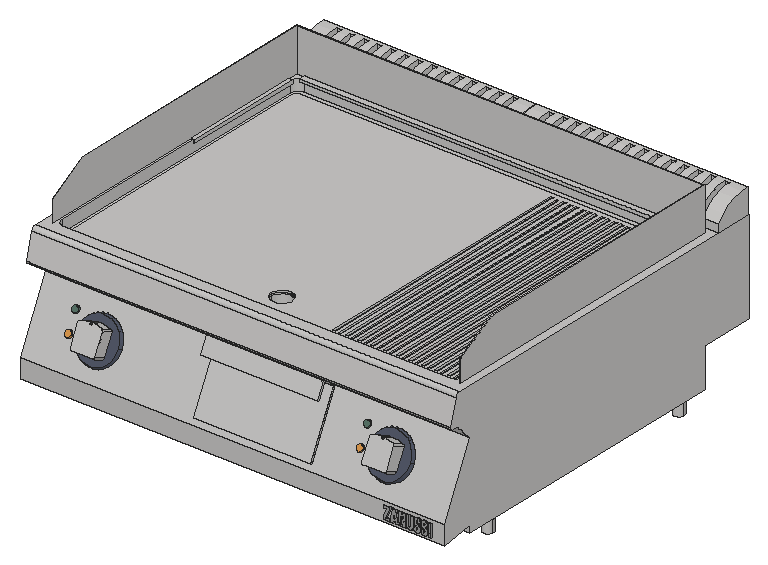
Revit family "QF_ZANUSSI_372197_Z7FTEHCPI0", category Specialty Equipment, Revit 2018 (continued)
Automatic sketch dimensions
  curve 175 to curve 176 = 2.779 mm
  curve 184 to curve 185 = 2.779 mm
  curve 159 to curve 160 = 2.779 mm
  curve 191 to curve 157 = 15 mm
  curve 193 to curve 196 = 15 mm
  plane 15 to curve 187 = 7.106 mm
  plane 15 to curve 178 = 7.106 mm
  plane 15 to curve 171 = 7.106 mm
  plane 15 to curve 162 = 7.106 mm
  curve 170 to plane 15 = 36.239 mm
  curve 186 to plane 15 = 36.239 mm
  curve 161 to curve 170 = 0 mm
  curve 186 to curve 177 = 0 mm
  curve 10 to plane 15 = 41.141 mm
  curve 16 to curve 17 = 0.469 mm
  curve 95 to plane 15 = 101.264 mm
  plane 8 "Center X" to curve 35 = 129.61 mm
  plane 8 "Center X" to curve 33 = 129.61 mm
  plane 1 "BACK" to curve 19 = 115.406 mm
  curve 13 to curve 21 = 2.133 mm
  curve 14 to curve 21 = 2.133 mm
  curve 14 to curve 31 = 1.998 mm
  curve 13 to curve 32 = 1.998 mm
  curve 32 to curve 29 = 9.827 mm
  curve 29 to curve 26 = 12.325 mm
  curve 206 to curve 120 = 41.495 mm
  curve 135 to curve 131 = 57.15 mm
  curve 120 to curve 117 = 0 mm
  curve 137 to curve 139 = 0 mm
  curve 131 to curve 135 = 0 mm
  curve 116 to curve 113 = 0 mm
  curve 139 to curve 143 = 0 mm
  curve 112 to curve 109 = 0 mm
  curve 143 to curve 147 = 0 mm
  curve 123 to curve 119 = 0 mm
  curve 108 to curve 106 = 0 mm
  curve 147 to curve 151 = 0 mm
  curve 28 to curve 101 = 19.479 mm
  curve 130 to curve 123 = 0 mm
  curve 92 to curve 92 = 57.15 mm
  curve 91 to curve 88 = 0 mm
  curve 87 to curve 84 = 0 mm
  curve 83 to curve 80 = 0 mm
  curve 79 to curve 77 = 0 mm
  curve 74 to curve 72 = 0 mm
  curve 68 to curve 90 = 0 mm
  curve 63 to curve 65 = 0 mm
  curve 59 to curve 62 = 0 mm
  curve 55 to curve 58 = 0 mm
  curve 51 to curve 54 = 0 mm
  curve 47 to curve 50 = 0 mm
  curve 44 to curve 46 = 0 mm
  curve 30 to curve 39 = 19.479 mm
  plane 1 "BACK" to curve 142 = 6.761 mm
  plane 1 "BACK" to curve 137 = 6.761 mm
  plane 1 "BACK" to curve 129 = 6.761 mm
  plane 1 "BACK" to curve 37 = 6.761 mm
  plane 1 "BACK" to curve 41 = 6.761 mm
  plane 1 "BACK" to curve 122 = 6.761 mm
  plane 1 "BACK" to curve 110 = 6.761 mm
  plane 1 "BACK" to curve 85 = 6.761 mm
  plane 1 "BACK" to curve 81 = 6.761 mm
  plane 1 "BACK" to curve 73 = 6.761 mm
  plane 1 "BACK" to curve 67 = 6.761 mm
  plane 1 "BACK" to curve 56 = 6.761 mm
  plane 1 "BACK" to curve 48 = 6.761 mm
  curve 2 to plane 1 "BACK" = 100 mm
  curve 13 to curve 32 = 3.351 mm
  curve 161 to curve 158 = 9.809 mm
  curve 163 to curve 162 = 0.284 mm
  curve 171 to curve 171 = 0.284 mm
  curve 167 to curve 170 = 9.809 mm
  curve 94 to plane 7 "Center Y" = 20 mm
  curve 143 to curve 217 = 4.907 mm
  curve 206 to curve 186 = 1.82 mm
  curve 188 to curve 187 = 0.284 mm
  curve 178 to curve 179 = 0.284 mm
  curve 31 to curve 96 = 3.351 mm
  curve 194 to curve 6 = 0 mm
  curve 187 to curve 187 = 0.567 mm
  curve 171 to curve 171 = 0.567 mm
  curve 178 to curve 178 = 0.567 mm
  curve 162 to curve 162 = 0.567 mm
  curve 197 to plane 15 = 56.61 mm
  curve 214 to plane 15 = 56.61 mm
  curve 198 to plane 15 = 56.61 mm
  curve 199 to plane 15 = 56.61 mm
  curve 200 to plane 15 = 56.61 mm
  curve 213 to plane 15 = 56.61 mm
  curve 201 to plane 15 = 56.61 mm
  curve 208 to plane 15 = 56.61 mm
  curve 202 to plane 15 = 56.61 mm
  curve 212 to plane 15 = 56.61 mm
  curve 203 to plane 15 = 56.61 mm
  curve 204 to plane 15 = 56.61 mm
  curve 211 to plane 15 = 56.61 mm
  curve 215 to plane 15 = 56.61 mm
  curve 205 to plane 15 = 56.61 mm
  curve 217 to plane 15 = 56.61 mm
  curve 210 to plane 15 = 56.61 mm
  curve 209 to plane 15 = 56.61 mm
  curve 206 to plane 15 = 56.61 mm
  curve 207 to plane 15 = 56.61 mm
  curve 216 to plane 15 = 56.61 mm
  curve 23 to curve 97 = 0 mm
  curve 22 to curve 216 = 0 mm
  curve 26 to curve 155 = 13.54 mm
  curve 217 to curve 197 = 12 mm
  curve 198 to curve 196 = 0.63 mm
  curve 198 to curve 199 = 12 mm
  curve 199 to curve 200 = 12 mm
  curve 200 to curve 201 = 12 mm
  curve 201 to curve 202 = 12 mm
  curve 202 to curve 203 = 12 mm
  curve 203 to curve 204 = 12 mm
  curve 204 to curve 205 = 12 mm
  curve 205 to curve 206 = 12 mm
  curve 183 to curve 207 = 0.37 mm
  curve 197 to curve 5 = 12.63 mm
  curve 208 to curve 209 = 12 mm
  curve 207 to curve 208 = 12 mm
  curve 210 to curve 174 = 9.63 mm
  curve 174 to curve 211 = 2.37 mm
  curve 177 to curve 212 = 4.561 mm
  curve 211 to curve 177 = 7.439 mm
  curve 212 to curve 213 = 12 mm
  curve 214 to curve 215 = 12 mm
  curve 213 to curve 214 = 12 mm
  curve 215 to curve 216 = 12 mm
  plane 11 to Extrusion 7 sketch curve = 278 mm
  Extrusion 1 sketch curve to plane 14 = 0 mm
  Extrusion 1 sketch curve to plane 17 = 0 mm
  Extrusion 1 sketch curve to plane 15 = 45.018 mm
  Extrusion 1 sketch curve to plane 15 = 45 mm
  Extrusion 1 sketch curve to Extrusion 1 sketch curve = 3.2 mm
  Extrusion 1 sketch curve to Extrusion 1 sketch curve = 0.445 mm
  Extrusion 1 sketch curve to plane 15 = 20.642 mm
  Extrusion 1 sketch curve to plane 15 = 13.198 mm
  Extrusion 1 sketch curve to plane 14 = 7.474 mm
  Extrusion 1 sketch curve to plane 15 = 3 mm
  Extrusion 1 sketch curve to plane 15 = 0.116 mm
  plane 15 to Extrusion 1 sketch curve = 15 mm
  Extrusion 1 sketch curve to Extrusion 1 sketch curve = 45.515 mm
  Extrusion 1 sketch curve to Extrusion 1 sketch curve = 0.827 mm
  Extrusion 1 sketch curve to Extrusion 1 sketch curve = 31.82 mm
  Extrusion 1 sketch curve to Extrusion 1 sketch curve = 120.856 mm
  Extrusion 1 sketch curve to Extrusion 1 sketch curve = 27.08 mm
  Extrusion 1 sketch curve to Extrusion 1 sketch curve = 35 mm
  Extrusion 1 sketch curve to Extrusion 1 sketch curve = 10.259 mm
  Extrusion 1 sketch curve to plane 1 "BACK" = 0 mm
  Extrusion 1 sketch curve to Extrusion 1 sketch curve = 74 mm
  radius of Extrusion 2 sketch curve = 9.525 mm  (x4)
  radius of Extrusion 7 sketch curve = 6.35 mm
  radius of Extrusion 10 sketch curve = 20 mm
  radius of Blend 19 sketch curve = 42.5 mm
  radius of Blend 19 sketch curve = 40.5 mm
  radius of Split face 1 sketch curve = 1.5 mm
  radius of Split face 2 sketch curve = 1.5 mm
  radius of Split face 3 sketch curve = 1.5 mm
  radius of Split face 4 sketch curve = 1.5 mm
  radius of Split face 5 sketch curve = 1.5 mm
  radius of Split face 6 sketch curve = 1.5 mm
  radius of Split face 7 sketch curve = 1.5 mm
  radius of Split face 8 sketch curve = 1.5 mm
  radius of Split face 9 sketch curve = 1.5 mm
  radius of Extrusion 23 sketch curve = 6 mm
  radius of Extrusion 24 sketch curve = 6 mm
  radius of Blend 25 sketch curve = 42.5 mm
  radius of Blend 25 sketch curve = 40.5 mm
  radius of Split face 10 sketch curve = 1.5 mm
  radius of Split face 11 sketch curve = 1.5 mm
  radius of Split face 12 sketch curve = 1.5 mm
  radius of Split face 13 sketch curve = 1.5 mm
  radius of Split face 14 sketch curve = 1.5 mm
  radius of Split face 15 sketch curve = 1.5 mm
  radius of Split face 16 sketch curve = 1.5 mm
  radius of Split face 17 sketch curve = 1.5 mm
  radius of Split face 18 sketch curve = 1.5 mm
  radius of Extrusion 29 sketch curve = 6 mm
  radius of Extrusion 30 sketch curve = 6 mm
Nested families
  nested 1: "ZAN_Logo_S_Grey" at (730.613, -715, 672.242) x (1, 0, 0) z (0, -1, 0), type "ZAN_Logo_S_Grey"
Connectors
  electrical at (749, -63, 688), driven by "Volts", driven by "Watts"
    settings: on Extrusion 7, index 1, voltage 400 V, apparent load 15000 VA, apparent load phase1 0 VA, apparent load phase2 0 VA, apparent load phase3 0 VA, power factor 1, load classification "Other", number of poles 1, system type 30, power factor state 1, is connector primary yes, connector utility no, sub classification motor no, connector description "ELECTRICAL CONNECTION"
Definition of nested family "ZAN_Logo_S_Grey"
  Parameters (values of type "ZAN_Logo_S_Grey")
    Default Elevation = 0 mm
  Reference planes
    plane 1 "Centro (Fronte/Retro)": y = 0
    plane 2: z = 0
    plane 3 "Centro (Sinistra/Destra)": x = 0
  Forms (mm)
    Extrusion 1, solid
      sketch origin (0, 0, 0) x (1, 0, 0) y (0, 1, 0)
        loop
          line (-1219.2, 1219.2) -> (-1219.2, -1219.2) -> (1219.2, -1219.2) -> (1219.2, 1219.2) -> (-1219.2, 1219.2)
      from 0 to -304.8
    Extrusion 2, solid
      sketch origin (17.793, -46.218, 0) x (-1, 0, 0) y (0, -1, 0)
        loop
          spline (-4.176, -58.079) -> (-3.496, -58.328) -> (-2.793, -58.512) -> (-2.075, -58.63) -> (-1.348, -58.682) -> (-0.619, -58.669) -> (0.106, -58.588) -> (0.818, -58.44) -> (1.512, -58.225) -> (2.18, -57.941) -> (2.817, -57.589) -> (3.414, -57.167) -> (3.966, -56.676)
          spline (3.966, -56.676) -> (4.293, -56.162) -> (4.575, -55.61) -> (4.81, -55.026) -> (5, -54.419) -> (5.146, -53.797) -> (5.247, -53.166) -> (5.304, -52.536) -> (5.318, -51.913) -> (5.288, -51.306) -> (5.217, -50.723) -> (5.103, -50.17) -> (4.949, -49.657)
          line (4.949, -49.657) -> (2.702, -46.428) -> (0.316, -44.323)
          spline (0.316, -44.323) -> (0.065, -44.115) -> (-0.195, -43.909) -> (-0.46, -43.704) -> (-0.729, -43.496) -> (-0.997, -43.282) -> (-1.263, -43.059) -> (-1.523, -42.825) -> (-1.774, -42.576) -> (-2.013, -42.309) -> (-2.238, -42.022) -> (-2.445, -41.712) -> (-2.632, -41.375)
          spline (-2.632, -41.375) -> (-2.666, -41.159) -> (-2.697, -40.934) -> (-2.722, -40.701) -> (-2.736, -40.465) -> (-2.736, -40.227) -> (-2.72, -39.989) -> (-2.682, -39.754) -> (-2.621, -39.524) -> (-2.533, -39.302) -> (-2.414, -39.091) -> (-2.261, -38.892) -> (-2.07, -38.708)
          line (-2.07, -38.708) -> (-0.245, -38.567)
          spline (-0.245, -38.567) -> (0.096, -38.8) -> (0.354, -39.074) -> (0.54, -39.381) -> (0.664, -39.716) -> (0.738, -40.073) -> (0.772, -40.445) -> (0.777, -40.825) -> (0.763, -41.208) -> (0.742, -41.588) -> (0.723, -41.957) -> (0.718, -42.309) -> (0.737, -42.638)
          line (0.737, -42.638) -> (5.65, -42.638)
          spline (5.65, -42.638) -> (5.708, -42.042) -> (5.741, -41.448) -> (5.747, -40.857) -> (5.723, -40.273) -> (5.668, -39.696) -> (5.58, -39.129) -> (5.457, -38.574) -> (5.297, -38.032) -> (5.098, -37.506) -> (4.857, -36.997) -> (4.574, -36.508) -> (4.247, -36.041)
          spline (4.247, -36.041) -> (3.844, -35.675) -> (3.409, -35.35) -> (2.946, -35.065) -> (2.458, -34.819) -> (1.949, -34.612) -> (1.421, -34.444) -> (0.88, -34.314) -> (0.326, -34.221) -> (-0.234, -34.165) -> (-0.8, -34.146) -> (-1.366, -34.163) -> (-1.93, -34.216)
          spline (-1.93, -34.216) -> (-2.526, -34.309) -> (-3.116, -34.448) -> (-3.695, -34.633) -> (-4.259, -34.861) -> (-4.801, -35.131) -> (-5.316, -35.444) -> (-5.799, -35.798) -> (-6.245, -36.191) -> (-6.648, -36.624) -> (-7.002, -37.095) -> (-7.303, -37.603) -> (-7.545, -38.146)
          spline (-7.545, -38.146) -> (-7.694, -38.815) -> (-7.792, -39.487) -> (-7.839, -40.158) -> (-7.836, -40.824) -> (-7.785, -41.482) -> (-7.685, -42.129) -> (-7.539, -42.762) -> (-7.347, -43.377) -> (-7.111, -43.97) -> (-6.83, -44.538) -> (-6.506, -45.078) -> (-6.141, -45.586)
          line (-6.141, -45.586) -> (-0.526, -50.64) -> (0.176, -51.482)
          spline (0.176, -51.482) -> (0.248, -51.66) -> (0.323, -51.843) -> (0.397, -52.03) -> (0.467, -52.22) -> (0.529, -52.412) -> (0.579, -52.605) -> (0.615, -52.798) -> (0.633, -52.989) -> (0.63, -53.179) -> (0.601, -53.366) -> (0.545, -53.55) -> (0.456, -53.728)
          spline (0.456, -53.728) -> (0.375, -53.892) -> (0.273, -54.034) -> (0.154, -54.155) -> (0.02, -54.258) -> (-0.126, -54.343) -> (-0.28, -54.412) -> (-0.441, -54.466) -> (-0.604, -54.508) -> (-0.767, -54.537) -> (-0.928, -54.556) -> (-1.082, -54.567) -> (-1.228, -54.57)
          line (-1.228, -54.57) -> (-2.632, -53.587) -> (-2.772, -50.64) -> (-7.405, -50.64)
          spline (-7.405, -50.64) -> (-7.41, -51.031) -> (-7.423, -51.432) -> (-7.44, -51.839) -> (-7.456, -52.251) -> (-7.469, -52.665) -> (-7.475, -53.079) -> (-7.468, -53.489) -> (-7.446, -53.894) -> (-7.404, -54.291) -> (-7.339, -54.679) -> (-7.247, -55.053) -> (-7.123, -55.412)
          spline (-7.123, -55.412) -> (-6.999, -55.693) -> (-6.837, -55.97) -> (-6.643, -56.244) -> (-6.422, -56.509) -> (-6.177, -56.765) -> (-5.913, -57.009) -> (-5.634, -57.238) -> (-5.346, -57.45) -> (-5.051, -57.643) -> (-4.755, -57.814) -> (-4.462, -57.96) -> (-4.176, -58.079)
        loop
          spline (-21.021, -55.552) -> (-20.633, -56.181) -> (-20.177, -56.736) -> (-19.661, -57.217) -> (-19.092, -57.627) -> (-18.478, -57.966) -> (-17.827, -58.237) -> (-17.147, -58.441) -> (-16.446, -58.578) -> (-15.73, -58.652) -> (-15.009, -58.662) -> (-14.29, -58.611) -> (-13.581, -58.5)
          spline (-13.581, -58.5) -> (-13.088, -58.407) -> (-12.595, -58.269) -> (-12.109, -58.088) -> (-11.636, -57.866) -> (-11.183, -57.605) -> (-10.756, -57.307) -> (-10.361, -56.974) -> (-10.004, -56.608) -> (-9.692, -56.211) -> (-9.431, -55.784) -> (-9.228, -55.33) -> (-9.089, -54.851)
          spline (-9.089, -54.851) -> (-8.873, -54.211) -> (-8.715, -53.559) -> (-8.615, -52.901) -> (-8.574, -52.241) -> (-8.592, -51.585) -> (-8.668, -50.938) -> (-8.802, -50.306) -> (-8.995, -49.693) -> (-9.247, -49.106) -> (-9.557, -48.55) -> (-9.925, -48.03) -> (-10.352, -47.551)
          line (-10.352, -47.551) -> (-15.546, -42.919) -> (-16.669, -41.234)
          spline (-16.669, -41.234) -> (-16.704, -41.021) -> (-16.735, -40.804) -> (-16.761, -40.583) -> (-16.778, -40.361) -> (-16.784, -40.139) -> (-16.774, -39.919) -> (-16.748, -39.701) -> (-16.7, -39.488) -> (-16.63, -39.28) -> (-16.533, -39.08) -> (-16.406, -38.889) -> (-16.248, -38.708)
          line (-16.248, -38.708) -> (-14.844, -38.427)
          spline (-14.844, -38.427) -> (-14.347, -38.545) -> (-13.969, -38.749) -> (-13.695, -39.028) -> (-13.508, -39.368) -> (-13.393, -39.757) -> (-13.335, -40.182) -> (-13.318, -40.63) -> (-13.326, -41.089) -> (-13.344, -41.546) -> (-13.356, -41.988) -> (-13.347, -42.403) -> (-13.3, -42.779)
          line (-13.3, -42.779) -> (-8.387, -42.638)
          spline (-8.387, -42.638) -> (-8.326, -42.034) -> (-8.288, -41.417) -> (-8.277, -40.794) -> (-8.299, -40.169) -> (-8.357, -39.548) -> (-8.457, -38.936) -> (-8.604, -38.339) -> (-8.803, -37.762) -> (-9.058, -37.21) -> (-9.375, -36.689) -> (-9.758, -36.204) -> (-10.212, -35.76)
          spline (-10.212, -35.76) -> (-10.793, -35.336) -> (-11.409, -34.976) -> (-12.054, -34.679) -> (-12.723, -34.445) -> (-13.409, -34.273) -> (-14.107, -34.163) -> (-14.811, -34.115) -> (-15.515, -34.127) -> (-16.213, -34.2) -> (-16.899, -34.333) -> (-17.568, -34.526) -> (-18.213, -34.777)
          spline (-18.213, -34.777) -> (-18.496, -34.897) -> (-18.783, -35.044) -> (-19.071, -35.216) -> (-19.357, -35.412) -> (-19.639, -35.629) -> (-19.915, -35.865) -> (-20.182, -36.119) -> (-20.438, -36.389) -> (-20.681, -36.672) -> (-20.907, -36.967) -> (-21.115, -37.272) -> (-21.301, -37.585)
          spline (-21.301, -37.585) -> (-21.55, -38.26) -> (-21.734, -38.948) -> (-21.854, -39.647) -> (-21.91, -40.351) -> (-21.901, -41.057) -> (-21.828, -41.761) -> (-21.69, -42.459) -> (-21.489, -43.148) -> (-21.222, -43.823) -> (-20.892, -44.48) -> (-20.497, -45.116) -> (-20.038, -45.726)
          line (-20.038, -45.726) -> (-14.142, -51.061) -> (-13.44, -52.886) -> (-14.002, -54.289) -> (-15.265, -54.57) -> (-16.669, -53.587) -> (-16.81, -50.78) -> (-21.582, -50.64)
          spline (-21.582, -50.64) -> (-21.558, -51.063) -> (-21.55, -51.491) -> (-21.554, -51.92) -> (-21.561, -52.35) -> (-21.567, -52.778) -> (-21.565, -53.201) -> (-21.547, -53.619) -> (-21.509, -54.029) -> (-21.444, -54.43) -> (-21.345, -54.818) -> (-21.206, -55.193) -> (-21.021, -55.552)
        loop
          line (-22.424, -34.216) -> (-27.337, -34.216) -> (-27.337, -58.22) -> (-22.424, -58.22) -> (-22.424, -34.216)
        loop
          line (14.213, -39.971) -> (14.213, -58.22) -> (19.126, -58.22) -> (19.126, -42.077) -> (18.845, -38.146) -> (18.424, -37.164) -> (17.442, -35.9) -> (16.459, -35.199) -> (14.494, -34.356) -> (13.511, -34.216) -> (11.265, -34.216) -> (10.142, -34.497) -> (8.458, -35.479) -> (6.493, -38.287) -> (6.352, -39.269) -> (6.352, -58.22) -> (11.265, -58.22) -> (11.265, -40.392) -> (11.827, -39.129) -> (13.371, -38.988) -> (14.213, -39.971)
        loop
          line (20.249, -58.22) -> (24.741, -58.22) -> (24.741, -42.919) -> (28.812, -58.22) -> (34.006, -58.22) -> (34.006, -34.216) -> (29.654, -34.216) -> (29.654, -50.078) -> (25.583, -34.216) -> (20.249, -34.216) -> (20.249, -58.22)
        loop
          line (50.149, -58.22) -> (62.361, -58.22) -> (62.361, -53.728) -> (55.904, -53.868) -> (62.923, -39.129) -> (62.923, -34.216) -> (50.149, -34.216) -> (50.149, -39.129) -> (57.517, -39.129) -> (50.149, -54.149) -> (50.149, -58.22)
        loop
          line (38.778, -58.22) -> (45.516, -58.22) -> (49.868, -34.216) -> (44.814, -34.216) -> (44.113, -38.848) -> (40.042, -38.848) -> (39.34, -34.216) -> (34.286, -34.216) -> (38.778, -58.22)
        loop
          line (43.551, -43.2) -> (40.744, -43.2) -> (42.147, -54.117) -> (43.551, -43.2)
      from 0 to 1.644
  Dimensions and locks
    aligned and locked: plane 2 to Extrusion 1
    aligned and locked: level to Extrusion 1
Types (2, lengths in mm): name | Model | Item Number | Description
  (no name) | "Z9FTEHSP00" | "392070" | "EL.FRYTOP SMOOTH+RIBBED SLOPED 800MM"
  Standard | "Z7FTEHCPI0" | "372197" | "EL. FRY TOP-SMOOTH+RIBB.POLISHED CHROME PLATE 800MM"
